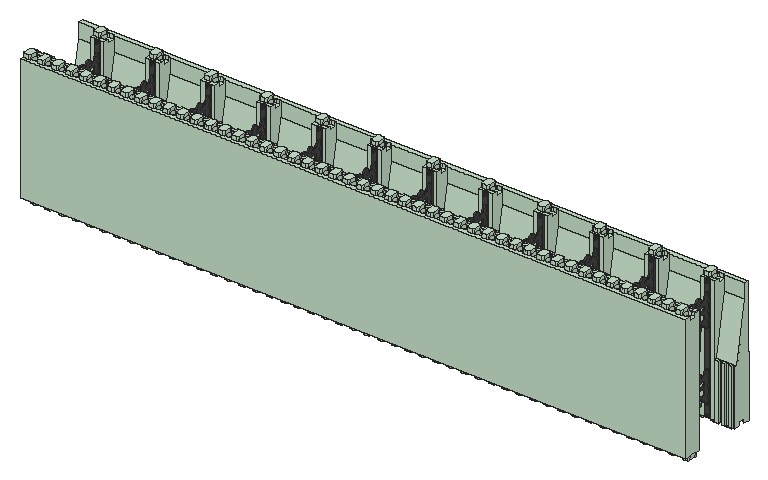
Revit family
Parameters (values of type "6-inch Taper Top Form Unit")
  URL = "www.nudura.com"
  Overall Form Thickness = 0' - 11 1/4"
  Model = "6-inch Taper Top Form Unit"
  Manufacturer = "NUDURA Corporation"
  Length = 8' - 0"
  Concrete Core Thickness = 0' - 6"
Reference planes (in)
  plane 1 "Center (Front/Back)": y = 0
  plane 2: z = 0
  plane 3 "Center (Left/Right)": x = 0
  plane 4: x = 96
  plane 5: y = 3
  plane 6: y = -3
  plane 7: y = 5.625
  plane 8: y = -5.625
  plane 9: z = 18
  plane 10: z = 18.5
  plane 11: z = -0.5
Forms (in)
  Extrusion 1, solid, material "EPs- NUDURA- Foam Panel"
    sketch origin (0, 0, 0) x (1, 0, 0) y (0, 1, 0)
      loop
        line (0.28117, -3.25) -> (0, -3.25) -> (0, -5.625) -> (96, -5.625) -> (96, -3.25) -> (95.71883, -3.25) -> (95.78117, -3) -> (95.21883, -3) -> (95.28117, -3.25) -> (94.71883, -3.25) -> (94.78117, -3) -> (94.21883, -3) -> (94.28117, -3.25) -> (93.71883, -3.25) -> (93.78117, -3) -> (93.21883, -3) -> (93.28117, -3.25) -> (90.71883, -3.25) -> (90.78117, -3) -> (90.21883, -3) -> (90.28117, -3.25) -> (89.71883, -3.25) -> (89.78117, -3) -> (89.21883, -3) -> (89.28117, -3.25) -> (88.71883, -3.25) -> (88.78117, -3) -> (88.21883, -3) -> (88.28117, -3.25) -> (87.71883, -3.25) -> (87.78117, -3) -> (87.21883, -3) -> (87.28117, -3.25) -> (86.71883, -3.25) -> (86.78117, -3) -> (86.21883, -3) -> (86.28117, -3.25) -> (85.71883, -3.25) -> (85.78117, -3) -> (85.21883, -3) -> (85.28117, -3.25) -> (82.71883, -3.25) -> (82.78117, -3) -> (82.21883, -3) -> (82.28117, -3.25) -> (81.71883, -3.25) -> (81.78117, -3) -> (81.21883, -3) -> (81.28117, -3.25) -> (80.71883, -3.25) -> (80.78117, -3) -> (80.21883, -3) -> (80.28117, -3.25) -> (79.71883, -3.25) -> (79.78117, -3) -> (79.21883, -3) -> (79.28117, -3.25) -> (78.71883, -3.25) -> (78.78117, -3) -> (78.21883, -3) -> (78.28117, -3.25) -> (77.71883, -3.25) -> (77.78117, -3) -> (77.21883, -3) -> (77.28117, -3.25) -> (74.71883, -3.25) -> (74.78117, -3) -> (74.21883, -3) -> (74.28117, -3.25) -> (73.71883, -3.25) -> (73.78117, -3) -> (73.21883, -3) -> (73.28117, -3.25) -> (72.71883, -3.25) -> (72.78117, -3) -> (72.21883, -3) -> (72.28117, -3.25) -> (71.71883, -3.25) -> (71.78117, -3) -> (71.21883, -3) -> (71.28117, -3.25) -> (70.71883, -3.25) -> (70.78117, -3) -> (70.21883, -3) -> (70.28117, -3.25) -> (69.71883, -3.25) -> (69.78117, -3) -> (69.21883, -3) -> (69.28117, -3.25) -> (66.71883, -3.25) -> (66.78117, -3) -> (66.21883, -3) -> (66.28117, -3.25) -> (65.71883, -3.25) -> (65.78117, -3) -> (65.21883, -3) -> (65.28117, -3.25) -> (64.71883, -3.25) -> (64.78117, -3) -> (64.21883, -3) -> (64.28117, -3.25) -> (63.71883, -3.25) -> (63.78117, -3) -> (63.21883, -3) -> (63.28117, -3.25) -> (62.71883, -3.25) -> (62.78117, -3) -> (62.21883, -3) -> (62.28117, -3.25) -> (61.71883, -3.25) -> (61.78117, -3) -> (61.21883, -3) -> (61.28117, -3.25) -> (58.71883, -3.25) -> (58.78117, -3) -> (58.21883, -3) -> (58.28117, -3.25) -> (57.71883, -3.25) -> (57.78117, -3) -> (57.21883, -3) -> (57.28117, -3.25) -> (56.71883, -3.25) -> (56.78117, -3) -> (56.21883, -3) -> (56.28117, -3.25) -> (55.71883, -3.25) -> (55.78117, -3) -> (55.21883, -3) -> (55.28117, -3.25) -> (54.71883, -3.25) -> (54.78117, -3) -> (54.21883, -3) -> (54.28117, -3.25) -> (53.71883, -3.25) -> (53.78117, -3) -> (53.21883, -3) -> (53.28117, -3.25) -> (50.71883, -3.25) -> (50.78117, -3) -> (50.21883, -3) -> (50.28117, -3.25) -> (49.71883, -3.25) -> (49.78117, -3) -> (49.21883, -3) -> (49.28117, -3.25) -> (48.71883, -3.25) -> (48.78117, -3) -> (48.21883, -3) -> (48.28117, -3.25) -> (47.71883, -3.25) -> (47.78117, -3) -> (47.21883, -3) -> (47.28117, -3.25) -> (46.71883, -3.25) -> (46.78117, -3) -> (46.21883, -3) -> (46.28117, -3.25) -> (45.71883, -3.25) -> (45.78117, -3) -> (45.21883, -3) -> (45.28117, -3.25) -> (42.71883, -3.25) -> (42.78117, -3) -> (42.21883, -3) -> (42.28117, -3.25) -> (41.71883, -3.25) -> (41.78117, -3) -> (41.21883, -3) -> (41.28117, -3.25) -> (40.71883, -3.25) -> (40.78117, -3) -> (40.21883, -3) -> (40.28117, -3.25) -> (39.71883, -3.25) -> (39.78117, -3) -> (39.21883, -3) -> (39.28117, -3.25) -> (38.71883, -3.25) -> (38.78117, -3) -> (38.21883, -3) -> (38.28117, -3.25) -> (37.71883, -3.25) -> (37.78117, -3) -> (37.21883, -3) -> (37.28117, -3.25) -> (34.71883, -3.25) -> (34.78117, -3) -> (34.21883, -3) -> (34.28117, -3.25) -> (33.71883, -3.25) -> (33.78117, -3) -> (33.21883, -3) -> (33.28117, -3.25) -> (32.71883, -3.25) -> (32.78117, -3) -> (32.21883, -3) -> (32.28117, -3.25) -> (31.71883, -3.25) -> (31.78117, -3) -> (31.21883, -3) -> (31.28117, -3.25) -> (30.71883, -3.25) -> (30.78117, -3) -> (30.21883, -3) -> (30.28117, -3.25) -> (29.71883, -3.25) -> (29.78117, -3) -> (29.21883, -3) -> (29.28117, -3.25) -> (26.71883, -3.25) -> (26.78117, -3) -> (26.21883, -3) -> (26.28117, -3.25) -> (25.71883, -3.25) -> (25.78117, -3) -> (25.21883, -3) -> (25.28117, -3.25) -> (24.71883, -3.25) -> (24.78117, -3) -> (24.21883, -3) -> (24.28117, -3.25) -> (23.71883, -3.25) -> (23.78117, -3) -> (23.21883, -3) -> (23.28117, -3.25) -> (22.71883, -3.25) -> (22.78117, -3) -> (22.21883, -3) -> (22.28117, -3.25) -> (21.71883, -3.25) -> (21.78117, -3) -> (21.21883, -3) -> (21.28117, -3.25) -> (18.71883, -3.25) -> (18.78117, -3) -> (18.21883, -3) -> (18.28117, -3.25) -> (17.71883, -3.25) -> (17.78117, -3) -> (17.21883, -3) -> (17.28117, -3.25) -> (16.71883, -3.25) -> (16.78117, -3) -> (16.21883, -3) -> (16.28117, -3.25) -> (15.71883, -3.25) -> (15.78117, -3) -> (15.21883, -3) -> (15.28117, -3.25) -> (14.71883, -3.25) -> (14.78117, -3) -> (14.21883, -3) -> (14.28117, -3.25) -> (13.71883, -3.25) -> (13.78117, -3) -> (13.21883, -3) -> (13.28117, -3.25) -> (10.71883, -3.25) -> (10.78117, -3) -> (10.21883, -3) -> (10.28117, -3.25) -> (9.71883, -3.25) -> (9.78117, -3) -> (9.21883, -3) -> (9.28117, -3.25) -> (8.71883, -3.25) -> (8.78117, -3) -> (8.21883, -3) -> (8.28117, -3.25) -> (7.71883, -3.25) -> (7.78117, -3) -> (7.21883, -3) -> (7.28117, -3.25) -> (6.71883, -3.25) -> (6.78117, -3) -> (6.21883, -3) -> (6.28117, -3.25) -> (5.71883, -3.25) -> (5.78117, -3) -> (5.21883, -3) -> (5.28117, -3.25) -> (2.71883, -3.25) -> (2.78117, -3) -> (2.21883, -3) -> (2.28117, -3.25) -> (1.71883, -3.25) -> (1.78117, -3) -> (1.21883, -3) -> (1.28117, -3.25) -> (0.71883, -3.25) -> (0.78117, -3) -> (0.21883, -3) -> (0.28117, -3.25)
    from 0 to 18
  Extrusion 2, void
    sketch origin (0, 0, 0) x (1, 0, 0) y (0, 1, 0)
      loop
        arc (1, -4.89808) -> (1.04785, -5.04517) -> (1.17308, -5.13595) r 0.25
        arc (1.17308, -5.13595) -> (1.5, -5.1875) -> (1.82692, -5.13595) r 1.0625
        arc (1.82692, -5.13595) -> (1.95215, -5.04517) -> (2, -4.89808) r 0.25
        line (2, -4.89808) -> (2, -3.97692)
        arc (2, -3.97692) -> (1.98276, -3.88568) -> (1.9334, -3.80702) r 0.25
        arc (1.9334, -3.80702) -> (1.92106, -3.78736) -> (1.91675, -3.76455) r 0.0625
        line (1.91675, -3.76455) -> (1.91675, -3.41845) -> (1.74592, -3.41845) -> (1.74592, -3.64005)
        arc (1.74592, -3.64005) -> (1.72385, -3.68771) -> (1.67323, -3.70172) r 0.0625
        arc (1.67323, -3.70172) -> (1.42092, -3.69045) -> (1.17308, -3.73905) r 1.0625
        arc (1.17308, -3.73905) -> (1.04785, -3.82983) -> (1, -3.97692) r 0.25
        line (1, -3.97692) -> (1, -4.89808)
    from 18 to 17.5
  Extrusion 3, void
    sketch origin (2, 0, 0) x (1, 0, 0) y (0, 1, 0)
      loop
        arc (1, -4.89808) -> (1.04785, -5.04517) -> (1.17308, -5.13595) r 0.25
        arc (1.17308, -5.13595) -> (1.5, -5.1875) -> (1.82692, -5.13595) r 1.0625
        arc (1.82692, -5.13595) -> (1.95215, -5.04517) -> (2, -4.89808) r 0.25
        line (2, -4.89808) -> (2, -3.97692)
        arc (2, -3.97692) -> (1.98276, -3.88568) -> (1.9334, -3.80702) r 0.25
        arc (1.9334, -3.80702) -> (1.92106, -3.78736) -> (1.91675, -3.76455) r 0.0625
        line (1.91675, -3.76455) -> (1.91675, -3.41845) -> (1.74592, -3.41845) -> (1.74592, -3.64005)
        arc (1.74592, -3.64005) -> (1.72385, -3.68771) -> (1.67323, -3.70172) r 0.0625
        arc (1.67323, -3.70172) -> (1.42092, -3.69045) -> (1.17308, -3.73905) r 1.0625
        arc (1.17308, -3.73905) -> (1.04785, -3.82983) -> (1, -3.97692) r 0.25
        line (1, -3.97692) -> (1, -4.89808)
    from 18 to 17.5
  Extrusion 4, void
    sketch origin (4, 0, 0) x (1, 0, 0) y (0, 1, 0)
      loop
        arc (1, -4.89808) -> (1.04785, -5.04517) -> (1.17308, -5.13595) r 0.25
        arc (1.17308, -5.13595) -> (1.5, -5.1875) -> (1.82692, -5.13595) r 1.0625
        arc (1.82692, -5.13595) -> (1.95215, -5.04517) -> (2, -4.89808) r 0.25
        line (2, -4.89808) -> (2, -3.97692)
        arc (2, -3.97692) -> (1.98276, -3.88568) -> (1.9334, -3.80702) r 0.25
        arc (1.9334, -3.80702) -> (1.92106, -3.78736) -> (1.91675, -3.76455) r 0.0625
        line (1.91675, -3.76455) -> (1.91675, -3.41845) -> (1.74592, -3.41845) -> (1.74592, -3.64005)
        arc (1.74592, -3.64005) -> (1.72385, -3.68771) -> (1.67323, -3.70172) r 0.0625
        arc (1.67323, -3.70172) -> (1.42092, -3.69045) -> (1.17308, -3.73905) r 1.0625
        arc (1.17308, -3.73905) -> (1.04785, -3.82983) -> (1, -3.97692) r 0.25
        line (1, -3.97692) -> (1, -4.89808)
    from 18 to 17.5
  Extrusion 5, void
    sketch origin (6, 0, 0) x (1, 0, 0) y (0, 1, 0)
      loop
        arc (1, -4.89808) -> (1.04785, -5.04517) -> (1.17308, -5.13595) r 0.25
        arc (1.17308, -5.13595) -> (1.5, -5.1875) -> (1.82692, -5.13595) r 1.0625
        arc (1.82692, -5.13595) -> (1.95215, -5.04517) -> (2, -4.89808) r 0.25
        line (2, -4.89808) -> (2, -3.97692)
        arc (2, -3.97692) -> (1.98276, -3.88568) -> (1.9334, -3.80702) r 0.25
        arc (1.9334, -3.80702) -> (1.92106, -3.78736) -> (1.91675, -3.76455) r 0.0625
        line (1.91675, -3.76455) -> (1.91675, -3.41845) -> (1.74592, -3.41845) -> (1.74592, -3.64005)
        arc (1.74592, -3.64005) -> (1.72385, -3.68771) -> (1.67323, -3.70172) r 0.0625
        arc (1.67323, -3.70172) -> (1.42092, -3.69045) -> (1.17308, -3.73905) r 1.0625
        arc (1.17308, -3.73905) -> (1.04785, -3.82983) -> (1, -3.97692) r 0.25
        line (1, -3.97692) -> (1, -4.89808)
    from 18 to 17.5
  Extrusion 6, void
    sketch origin (8, 0, 0) x (1, 0, 0) y (0, 1, 0)
      loop
        arc (1, -4.89808) -> (1.04785, -5.04517) -> (1.17308, -5.13595) r 0.25
        arc (1.17308, -5.13595) -> (1.5, -5.1875) -> (1.82692, -5.13595) r 1.0625
        arc (1.82692, -5.13595) -> (1.95215, -5.04517) -> (2, -4.89808) r 0.25
        line (2, -4.89808) -> (2, -3.97692)
        arc (2, -3.97692) -> (1.98276, -3.88568) -> (1.9334, -3.80702) r 0.25
        arc (1.9334, -3.80702) -> (1.92106, -3.78736) -> (1.91675, -3.76455) r 0.0625
        line (1.91675, -3.76455) -> (1.91675, -3.41845) -> (1.74592, -3.41845) -> (1.74592, -3.64005)
        arc (1.74592, -3.64005) -> (1.72385, -3.68771) -> (1.67323, -3.70172) r 0.0625
        arc (1.67323, -3.70172) -> (1.42092, -3.69045) -> (1.17308, -3.73905) r 1.0625
        arc (1.17308, -3.73905) -> (1.04785, -3.82983) -> (1, -3.97692) r 0.25
        line (1, -3.97692) -> (1, -4.89808)
    from 18 to 17.5
  Extrusion 7, void
    sketch origin (10, 0, 0) x (1, 0, 0) y (0, 1, 0)
      loop
        arc (1, -4.89808) -> (1.04785, -5.04517) -> (1.17308, -5.13595) r 0.25
        arc (1.17308, -5.13595) -> (1.5, -5.1875) -> (1.82692, -5.13595) r 1.0625
        arc (1.82692, -5.13595) -> (1.95215, -5.04517) -> (2, -4.89808) r 0.25
        line (2, -4.89808) -> (2, -3.97692)
        arc (2, -3.97692) -> (1.98276, -3.88568) -> (1.9334, -3.80702) r 0.25
        arc (1.9334, -3.80702) -> (1.92106, -3.78736) -> (1.91675, -3.76455) r 0.0625
        line (1.91675, -3.76455) -> (1.91675, -3.41845) -> (1.74592, -3.41845) -> (1.74592, -3.64005)
        arc (1.74592, -3.64005) -> (1.72385, -3.68771) -> (1.67323, -3.70172) r 0.0625
        arc (1.67323, -3.70172) -> (1.42092, -3.69045) -> (1.17308, -3.73905) r 1.0625
        arc (1.17308, -3.73905) -> (1.04785, -3.82983) -> (1, -3.97692) r 0.25
        line (1, -3.97692) -> (1, -4.89808)
    from 18 to 17.5
  Extrusion 8, void
    sketch origin (12, 0, 0) x (1, 0, 0) y (0, 1, 0)
      loop
        arc (1, -4.89808) -> (1.04785, -5.04517) -> (1.17308, -5.13595) r 0.25
        arc (1.17308, -5.13595) -> (1.5, -5.1875) -> (1.82692, -5.13595) r 1.0625
        arc (1.82692, -5.13595) -> (1.95215, -5.04517) -> (2, -4.89808) r 0.25
        line (2, -4.89808) -> (2, -3.97692)
        arc (2, -3.97692) -> (1.98276, -3.88568) -> (1.9334, -3.80702) r 0.25
        arc (1.9334, -3.80702) -> (1.92106, -3.78736) -> (1.91675, -3.76455) r 0.0625
        line (1.91675, -3.76455) -> (1.91675, -3.41845) -> (1.74592, -3.41845) -> (1.74592, -3.64005)
        arc (1.74592, -3.64005) -> (1.72385, -3.68771) -> (1.67323, -3.70172) r 0.0625
        arc (1.67323, -3.70172) -> (1.42092, -3.69045) -> (1.17308, -3.73905) r 1.0625
        arc (1.17308, -3.73905) -> (1.04785, -3.82983) -> (1, -3.97692) r 0.25
        line (1, -3.97692) -> (1, -4.89808)
    from 18 to 17.5
  Extrusion 9, void
    sketch origin (14, 0, 0) x (1, 0, 0) y (0, 1, 0)
      loop
        arc (1, -4.89808) -> (1.04785, -5.04517) -> (1.17308, -5.13595) r 0.25
        arc (1.17308, -5.13595) -> (1.5, -5.1875) -> (1.82692, -5.13595) r 1.0625
        arc (1.82692, -5.13595) -> (1.95215, -5.04517) -> (2, -4.89808) r 0.25
        line (2, -4.89808) -> (2, -3.97692)
        arc (2, -3.97692) -> (1.98276, -3.88568) -> (1.9334, -3.80702) r 0.25
        arc (1.9334, -3.80702) -> (1.92106, -3.78736) -> (1.91675, -3.76455) r 0.0625
        line (1.91675, -3.76455) -> (1.91675, -3.41845) -> (1.74592, -3.41845) -> (1.74592, -3.64005)
        arc (1.74592, -3.64005) -> (1.72385, -3.68771) -> (1.67323, -3.70172) r 0.0625
        arc (1.67323, -3.70172) -> (1.42092, -3.69045) -> (1.17308, -3.73905) r 1.0625
        arc (1.17308, -3.73905) -> (1.04785, -3.82983) -> (1, -3.97692) r 0.25
        line (1, -3.97692) -> (1, -4.89808)
    from 18 to 17.5
  Extrusion 10, void
    sketch origin (16, 0, 0) x (1, 0, 0) y (0, 1, 0)
      loop
        arc (1, -4.89808) -> (1.04785, -5.04517) -> (1.17308, -5.13595) r 0.25
        arc (1.17308, -5.13595) -> (1.5, -5.1875) -> (1.82692, -5.13595) r 1.0625
        arc (1.82692, -5.13595) -> (1.95215, -5.04517) -> (2, -4.89808) r 0.25
        line (2, -4.89808) -> (2, -3.97692)
        arc (2, -3.97692) -> (1.98276, -3.88568) -> (1.9334, -3.80702) r 0.25
        arc (1.9334, -3.80702) -> (1.92106, -3.78736) -> (1.91675, -3.76455) r 0.0625
        line (1.91675, -3.76455) -> (1.91675, -3.41845) -> (1.74592, -3.41845) -> (1.74592, -3.64005)
        arc (1.74592, -3.64005) -> (1.72385, -3.68771) -> (1.67323, -3.70172) r 0.0625
        arc (1.67323, -3.70172) -> (1.42092, -3.69045) -> (1.17308, -3.73905) r 1.0625
        arc (1.17308, -3.73905) -> (1.04785, -3.82983) -> (1, -3.97692) r 0.25
        line (1, -3.97692) -> (1, -4.89808)
    from 18 to 17.5
  Extrusion 11, void
    sketch origin (18, 0, 0) x (1, 0, 0) y (0, 1, 0)
      loop
        arc (1, -4.89808) -> (1.04785, -5.04517) -> (1.17308, -5.13595) r 0.25
        arc (1.17308, -5.13595) -> (1.5, -5.1875) -> (1.82692, -5.13595) r 1.0625
        arc (1.82692, -5.13595) -> (1.95215, -5.04517) -> (2, -4.89808) r 0.25
        line (2, -4.89808) -> (2, -3.97692)
        arc (2, -3.97692) -> (1.98276, -3.88568) -> (1.9334, -3.80702) r 0.25
        arc (1.9334, -3.80702) -> (1.92106, -3.78736) -> (1.91675, -3.76455) r 0.0625
        line (1.91675, -3.76455) -> (1.91675, -3.41845) -> (1.74592, -3.41845) -> (1.74592, -3.64005)
        arc (1.74592, -3.64005) -> (1.72385, -3.68771) -> (1.67323, -3.70172) r 0.0625
        arc (1.67323, -3.70172) -> (1.42092, -3.69045) -> (1.17308, -3.73905) r 1.0625
        arc (1.17308, -3.73905) -> (1.04785, -3.82983) -> (1, -3.97692) r 0.25
        line (1, -3.97692) -> (1, -4.89808)
    from 18 to 17.5
  Extrusion 12, void
    sketch origin (20, 0, 0) x (1, 0, 0) y (0, 1, 0)
      loop
        arc (1, -4.89808) -> (1.04785, -5.04517) -> (1.17308, -5.13595) r 0.25
        arc (1.17308, -5.13595) -> (1.5, -5.1875) -> (1.82692, -5.13595) r 1.0625
        arc (1.82692, -5.13595) -> (1.95215, -5.04517) -> (2, -4.89808) r 0.25
        line (2, -4.89808) -> (2, -3.97692)
        arc (2, -3.97692) -> (1.98276, -3.88568) -> (1.9334, -3.80702) r 0.25
        arc (1.9334, -3.80702) -> (1.92106, -3.78736) -> (1.91675, -3.76455) r 0.0625
        line (1.91675, -3.76455) -> (1.91675, -3.41845) -> (1.74592, -3.41845) -> (1.74592, -3.64005)
        arc (1.74592, -3.64005) -> (1.72385, -3.68771) -> (1.67323, -3.70172) r 0.0625
        arc (1.67323, -3.70172) -> (1.42092, -3.69045) -> (1.17308, -3.73905) r 1.0625
        arc (1.17308, -3.73905) -> (1.04785, -3.82983) -> (1, -3.97692) r 0.25
        line (1, -3.97692) -> (1, -4.89808)
    from 18 to 17.5
  Extrusion 13, void
    sketch origin (22, 0, 0) x (1, 0, 0) y (0, 1, 0)
      loop
        arc (1, -4.89808) -> (1.04785, -5.04517) -> (1.17308, -5.13595) r 0.25
        arc (1.17308, -5.13595) -> (1.5, -5.1875) -> (1.82692, -5.13595) r 1.0625
        arc (1.82692, -5.13595) -> (1.95215, -5.04517) -> (2, -4.89808) r 0.25
        line (2, -4.89808) -> (2, -3.97692)
        arc (2, -3.97692) -> (1.98276, -3.88568) -> (1.9334, -3.80702) r 0.25
        arc (1.9334, -3.80702) -> (1.92106, -3.78736) -> (1.91675, -3.76455) r 0.0625
        line (1.91675, -3.76455) -> (1.91675, -3.41845) -> (1.74592, -3.41845) -> (1.74592, -3.64005)
        arc (1.74592, -3.64005) -> (1.72385, -3.68771) -> (1.67323, -3.70172) r 0.0625
        arc (1.67323, -3.70172) -> (1.42092, -3.69045) -> (1.17308, -3.73905) r 1.0625
        arc (1.17308, -3.73905) -> (1.04785, -3.82983) -> (1, -3.97692) r 0.25
        line (1, -3.97692) -> (1, -4.89808)
    from 18 to 17.5
  Extrusion 14, void
    sketch origin (24, 0, 0) x (1, 0, 0) y (0, 1, 0)
      loop
        arc (1, -4.89808) -> (1.04785, -5.04517) -> (1.17308, -5.13595) r 0.25
        arc (1.17308, -5.13595) -> (1.5, -5.1875) -> (1.82692, -5.13595) r 1.0625
        arc (1.82692, -5.13595) -> (1.95215, -5.04517) -> (2, -4.89808) r 0.25
        line (2, -4.89808) -> (2, -3.97692)
        arc (2, -3.97692) -> (1.98276, -3.88568) -> (1.9334, -3.80702) r 0.25
        arc (1.9334, -3.80702) -> (1.92106, -3.78736) -> (1.91675, -3.76455) r 0.0625
        line (1.91675, -3.76455) -> (1.91675, -3.41845) -> (1.74592, -3.41845) -> (1.74592, -3.64005)
        arc (1.74592, -3.64005) -> (1.72385, -3.68771) -> (1.67323, -3.70172) r 0.0625
        arc (1.67323, -3.70172) -> (1.42092, -3.69045) -> (1.17308, -3.73905) r 1.0625
        arc (1.17308, -3.73905) -> (1.04785, -3.82983) -> (1, -3.97692) r 0.25
        line (1, -3.97692) -> (1, -4.89808)
    from 18 to 17.5
  Extrusion 15, void
    sketch origin (26, 0, 0) x (1, 0, 0) y (0, 1, 0)
      loop
        arc (1, -4.89808) -> (1.04785, -5.04517) -> (1.17308, -5.13595) r 0.25
        arc (1.17308, -5.13595) -> (1.5, -5.1875) -> (1.82692, -5.13595) r 1.0625
        arc (1.82692, -5.13595) -> (1.95215, -5.04517) -> (2, -4.89808) r 0.25
        line (2, -4.89808) -> (2, -3.97692)
        arc (2, -3.97692) -> (1.98276, -3.88568) -> (1.9334, -3.80702) r 0.25
        arc (1.9334, -3.80702) -> (1.92106, -3.78736) -> (1.91675, -3.76455) r 0.0625
        line (1.91675, -3.76455) -> (1.91675, -3.41845) -> (1.74592, -3.41845) -> (1.74592, -3.64005)
        arc (1.74592, -3.64005) -> (1.72385, -3.68771) -> (1.67323, -3.70172) r 0.0625
        arc (1.67323, -3.70172) -> (1.42092, -3.69045) -> (1.17308, -3.73905) r 1.0625
        arc (1.17308, -3.73905) -> (1.04785, -3.82983) -> (1, -3.97692) r 0.25
        line (1, -3.97692) -> (1, -4.89808)
    from 18 to 17.5
  Extrusion 16, void
    sketch origin (28, 0, 0) x (1, 0, 0) y (0, 1, 0)
      loop
        arc (1, -4.89808) -> (1.04785, -5.04517) -> (1.17308, -5.13595) r 0.25
        arc (1.17308, -5.13595) -> (1.5, -5.1875) -> (1.82692, -5.13595) r 1.0625
        arc (1.82692, -5.13595) -> (1.95215, -5.04517) -> (2, -4.89808) r 0.25
        line (2, -4.89808) -> (2, -3.97692)
        arc (2, -3.97692) -> (1.98276, -3.88568) -> (1.9334, -3.80702) r 0.25
        arc (1.9334, -3.80702) -> (1.92106, -3.78736) -> (1.91675, -3.76455) r 0.0625
        line (1.91675, -3.76455) -> (1.91675, -3.41845) -> (1.74592, -3.41845) -> (1.74592, -3.64005)
        arc (1.74592, -3.64005) -> (1.72385, -3.68771) -> (1.67323, -3.70172) r 0.0625
        arc (1.67323, -3.70172) -> (1.42092, -3.69045) -> (1.17308, -3.73905) r 1.0625
        arc (1.17308, -3.73905) -> (1.04785, -3.82983) -> (1, -3.97692) r 0.25
        line (1, -3.97692) -> (1, -4.89808)
    from 18 to 17.5
  Extrusion 17, void
    sketch origin (30, 0, 0) x (1, 0, 0) y (0, 1, 0)
      loop
        arc (1, -4.89808) -> (1.04785, -5.04517) -> (1.17308, -5.13595) r 0.25
        arc (1.17308, -5.13595) -> (1.5, -5.1875) -> (1.82692, -5.13595) r 1.0625
        arc (1.82692, -5.13595) -> (1.95215, -5.04517) -> (2, -4.89808) r 0.25
        line (2, -4.89808) -> (2, -3.97692)
        arc (2, -3.97692) -> (1.98276, -3.88568) -> (1.9334, -3.80702) r 0.25
        arc (1.9334, -3.80702) -> (1.92106, -3.78736) -> (1.91675, -3.76455) r 0.0625
        line (1.91675, -3.76455) -> (1.91675, -3.41845) -> (1.74592, -3.41845) -> (1.74592, -3.64005)
        arc (1.74592, -3.64005) -> (1.72385, -3.68771) -> (1.67323, -3.70172) r 0.0625
        arc (1.67323, -3.70172) -> (1.42092, -3.69045) -> (1.17308, -3.73905) r 1.0625
        arc (1.17308, -3.73905) -> (1.04785, -3.82983) -> (1, -3.97692) r 0.25
        line (1, -3.97692) -> (1, -4.89808)
    from 18 to 17.5
  Extrusion 18, void
    sketch origin (32, 0, 0) x (1, 0, 0) y (0, 1, 0)
      loop
        arc (1, -4.89808) -> (1.04785, -5.04517) -> (1.17308, -5.13595) r 0.25
        arc (1.17308, -5.13595) -> (1.5, -5.1875) -> (1.82692, -5.13595) r 1.0625
        arc (1.82692, -5.13595) -> (1.95215, -5.04517) -> (2, -4.89808) r 0.25
        line (2, -4.89808) -> (2, -3.97692)
        arc (2, -3.97692) -> (1.98276, -3.88568) -> (1.9334, -3.80702) r 0.25
        arc (1.9334, -3.80702) -> (1.92106, -3.78736) -> (1.91675, -3.76455) r 0.0625
        line (1.91675, -3.76455) -> (1.91675, -3.41845) -> (1.74592, -3.41845) -> (1.74592, -3.64005)
        arc (1.74592, -3.64005) -> (1.72385, -3.68771) -> (1.67323, -3.70172) r 0.0625
        arc (1.67323, -3.70172) -> (1.42092, -3.69045) -> (1.17308, -3.73905) r 1.0625
        arc (1.17308, -3.73905) -> (1.04785, -3.82983) -> (1, -3.97692) r 0.25
        line (1, -3.97692) -> (1, -4.89808)
    from 18 to 17.5
  Extrusion 19, void
    sketch origin (34, 0, 0) x (1, 0, 0) y (0, 1, 0)
      loop
        arc (1, -4.89808) -> (1.04785, -5.04517) -> (1.17308, -5.13595) r 0.25
        arc (1.17308, -5.13595) -> (1.5, -5.1875) -> (1.82692, -5.13595) r 1.0625
        arc (1.82692, -5.13595) -> (1.95215, -5.04517) -> (2, -4.89808) r 0.25
        line (2, -4.89808) -> (2, -3.97692)
        arc (2, -3.97692) -> (1.98276, -3.88568) -> (1.9334, -3.80702) r 0.25
        arc (1.9334, -3.80702) -> (1.92106, -3.78736) -> (1.91675, -3.76455) r 0.0625
        line (1.91675, -3.76455) -> (1.91675, -3.41845) -> (1.74592, -3.41845) -> (1.74592, -3.64005)
        arc (1.74592, -3.64005) -> (1.72385, -3.68771) -> (1.67323, -3.70172) r 0.0625
        arc (1.67323, -3.70172) -> (1.42092, -3.69045) -> (1.17308, -3.73905) r 1.0625
        arc (1.17308, -3.73905) -> (1.04785, -3.82983) -> (1, -3.97692) r 0.25
        line (1, -3.97692) -> (1, -4.89808)
    from 18 to 17.5
  Extrusion 20, void
    sketch origin (36, 0, 0) x (1, 0, 0) y (0, 1, 0)
      loop
        arc (1, -4.89808) -> (1.04785, -5.04517) -> (1.17308, -5.13595) r 0.25
        arc (1.17308, -5.13595) -> (1.5, -5.1875) -> (1.82692, -5.13595) r 1.0625
        arc (1.82692, -5.13595) -> (1.95215, -5.04517) -> (2, -4.89808) r 0.25
        line (2, -4.89808) -> (2, -3.97692)
        arc (2, -3.97692) -> (1.98276, -3.88568) -> (1.9334, -3.80702) r 0.25
        arc (1.9334, -3.80702) -> (1.92106, -3.78736) -> (1.91675, -3.76455) r 0.0625
        line (1.91675, -3.76455) -> (1.91675, -3.41845) -> (1.74592, -3.41845) -> (1.74592, -3.64005)
        arc (1.74592, -3.64005) -> (1.72385, -3.68771) -> (1.67323, -3.70172) r 0.0625
        arc (1.67323, -3.70172) -> (1.42092, -3.69045) -> (1.17308, -3.73905) r 1.0625
        arc (1.17308, -3.73905) -> (1.04785, -3.82983) -> (1, -3.97692) r 0.25
        line (1, -3.97692) -> (1, -4.89808)
    from 18 to 17.5
  Extrusion 21, void
    sketch origin (38, 0, 0) x (1, 0, 0) y (0, 1, 0)
      loop
        arc (1, -4.89808) -> (1.04785, -5.04517) -> (1.17308, -5.13595) r 0.25
        arc (1.17308, -5.13595) -> (1.5, -5.1875) -> (1.82692, -5.13595) r 1.0625
        arc (1.82692, -5.13595) -> (1.95215, -5.04517) -> (2, -4.89808) r 0.25
        line (2, -4.89808) -> (2, -3.97692)
        arc (2, -3.97692) -> (1.98276, -3.88568) -> (1.9334, -3.80702) r 0.25
        arc (1.9334, -3.80702) -> (1.92106, -3.78736) -> (1.91675, -3.76455) r 0.0625
        line (1.91675, -3.76455) -> (1.91675, -3.41845) -> (1.74592, -3.41845) -> (1.74592, -3.64005)
        arc (1.74592, -3.64005) -> (1.72385, -3.68771) -> (1.67323, -3.70172) r 0.0625
        arc (1.67323, -3.70172) -> (1.42092, -3.69045) -> (1.17308, -3.73905) r 1.0625
        arc (1.17308, -3.73905) -> (1.04785, -3.82983) -> (1, -3.97692) r 0.25
        line (1, -3.97692) -> (1, -4.89808)
    from 18 to 17.5
  Extrusion 22, void
    sketch origin (40, 0, 0) x (1, 0, 0) y (0, 1, 0)
      loop
        arc (1, -4.89808) -> (1.04785, -5.04517) -> (1.17308, -5.13595) r 0.25
        arc (1.17308, -5.13595) -> (1.5, -5.1875) -> (1.82692, -5.13595) r 1.0625
        arc (1.82692, -5.13595) -> (1.95215, -5.04517) -> (2, -4.89808) r 0.25
        line (2, -4.89808) -> (2, -3.97692)
        arc (2, -3.97692) -> (1.98276, -3.88568) -> (1.9334, -3.80702) r 0.25
        arc (1.9334, -3.80702) -> (1.92106, -3.78736) -> (1.91675, -3.76455) r 0.0625
        line (1.91675, -3.76455) -> (1.91675, -3.41845) -> (1.74592, -3.41845) -> (1.74592, -3.64005)
        arc (1.74592, -3.64005) -> (1.72385, -3.68771) -> (1.67323, -3.70172) r 0.0625
        arc (1.67323, -3.70172) -> (1.42092, -3.69045) -> (1.17308, -3.73905) r 1.0625
        arc (1.17308, -3.73905) -> (1.04785, -3.82983) -> (1, -3.97692) r 0.25
        line (1, -3.97692) -> (1, -4.89808)
    from 18 to 17.5
  Extrusion 23, void
    sketch origin (42, 0, 0) x (1, 0, 0) y (0, 1, 0)
      loop
        arc (1, -4.89808) -> (1.04785, -5.04517) -> (1.17308, -5.13595) r 0.25
        arc (1.17308, -5.13595) -> (1.5, -5.1875) -> (1.82692, -5.13595) r 1.0625
        arc (1.82692, -5.13595) -> (1.95215, -5.04517) -> (2, -4.89808) r 0.25
        line (2, -4.89808) -> (2, -3.97692)
        arc (2, -3.97692) -> (1.98276, -3.88568) -> (1.9334, -3.80702) r 0.25
        arc (1.9334, -3.80702) -> (1.92106, -3.78736) -> (1.91675, -3.76455) r 0.0625
        line (1.91675, -3.76455) -> (1.91675, -3.41845) -> (1.74592, -3.41845) -> (1.74592, -3.64005)
        arc (1.74592, -3.64005) -> (1.72385, -3.68771) -> (1.67323, -3.70172) r 0.0625
        arc (1.67323, -3.70172) -> (1.42092, -3.69045) -> (1.17308, -3.73905) r 1.0625
        arc (1.17308, -3.73905) -> (1.04785, -3.82983) -> (1, -3.97692) r 0.25
        line (1, -3.97692) -> (1, -4.89808)
    from 18 to 17.5
  Extrusion 24, void
    sketch origin (44, 0, 0) x (1, 0, 0) y (0, 1, 0)
      loop
        arc (1, -4.89808) -> (1.04785, -5.04517) -> (1.17308, -5.13595) r 0.25
        arc (1.17308, -5.13595) -> (1.5, -5.1875) -> (1.82692, -5.13595) r 1.0625
        arc (1.82692, -5.13595) -> (1.95215, -5.04517) -> (2, -4.89808) r 0.25
        line (2, -4.89808) -> (2, -3.97692)
        arc (2, -3.97692) -> (1.98276, -3.88568) -> (1.9334, -3.80702) r 0.25
        arc (1.9334, -3.80702) -> (1.92106, -3.78736) -> (1.91675, -3.76455) r 0.0625
        line (1.91675, -3.76455) -> (1.91675, -3.41845) -> (1.74592, -3.41845) -> (1.74592, -3.64005)
        arc (1.74592, -3.64005) -> (1.72385, -3.68771) -> (1.67323, -3.70172) r 0.0625
        arc (1.67323, -3.70172) -> (1.42092, -3.69045) -> (1.17308, -3.73905) r 1.0625
        arc (1.17308, -3.73905) -> (1.04785, -3.82983) -> (1, -3.97692) r 0.25
        line (1, -3.97692) -> (1, -4.89808)
    from 18 to 17.5
  Extrusion 25, void
    sketch origin (46, 0, 0) x (1, 0, 0) y (0, 1, 0)
      loop
        arc (1, -4.89808) -> (1.04785, -5.04517) -> (1.17308, -5.13595) r 0.25
        arc (1.17308, -5.13595) -> (1.5, -5.1875) -> (1.82692, -5.13595) r 1.0625
        arc (1.82692, -5.13595) -> (1.95215, -5.04517) -> (2, -4.89808) r 0.25
        line (2, -4.89808) -> (2, -3.97692)
        arc (2, -3.97692) -> (1.98276, -3.88568) -> (1.9334, -3.80702) r 0.25
        arc (1.9334, -3.80702) -> (1.92106, -3.78736) -> (1.91675, -3.76455) r 0.0625
        line (1.91675, -3.76455) -> (1.91675, -3.41845) -> (1.74592, -3.41845) -> (1.74592, -3.64005)
        arc (1.74592, -3.64005) -> (1.72385, -3.68771) -> (1.67323, -3.70172) r 0.0625
        arc (1.67323, -3.70172) -> (1.42092, -3.69045) -> (1.17308, -3.73905) r 1.0625
        arc (1.17308, -3.73905) -> (1.04785, -3.82983) -> (1, -3.97692) r 0.25
        line (1, -3.97692) -> (1, -4.89808)
    from 18 to 17.5
  Extrusion 26, void
    sketch origin (48, 0, 0) x (1, 0, 0) y (0, 1, 0)
      loop
        arc (1, -4.89808) -> (1.04785, -5.04517) -> (1.17308, -5.13595) r 0.25
        arc (1.17308, -5.13595) -> (1.5, -5.1875) -> (1.82692, -5.13595) r 1.0625
        arc (1.82692, -5.13595) -> (1.95215, -5.04517) -> (2, -4.89808) r 0.25
        line (2, -4.89808) -> (2, -3.97692)
        arc (2, -3.97692) -> (1.98276, -3.88568) -> (1.9334, -3.80702) r 0.25
        arc (1.9334, -3.80702) -> (1.92106, -3.78736) -> (1.91675, -3.76455) r 0.0625
        line (1.91675, -3.76455) -> (1.91675, -3.41845) -> (1.74592, -3.41845) -> (1.74592, -3.64005)
        arc (1.74592, -3.64005) -> (1.72385, -3.68771) -> (1.67323, -3.70172) r 0.0625
        arc (1.67323, -3.70172) -> (1.42092, -3.69045) -> (1.17308, -3.73905) r 1.0625
        arc (1.17308, -3.73905) -> (1.04785, -3.82983) -> (1, -3.97692) r 0.25
        line (1, -3.97692) -> (1, -4.89808)
    from 18 to 17.5
  Extrusion 27, void
    sketch origin (50, 0, 0) x (1, 0, 0) y (0, 1, 0)
      loop
        arc (1, -4.89808) -> (1.04785, -5.04517) -> (1.17308, -5.13595) r 0.25
        arc (1.17308, -5.13595) -> (1.5, -5.1875) -> (1.82692, -5.13595) r 1.0625
        arc (1.82692, -5.13595) -> (1.95215, -5.04517) -> (2, -4.89808) r 0.25
        line (2, -4.89808) -> (2, -3.97692)
        arc (2, -3.97692) -> (1.98276, -3.88568) -> (1.9334, -3.80702) r 0.25
        arc (1.9334, -3.80702) -> (1.92106, -3.78736) -> (1.91675, -3.76455) r 0.0625
        line (1.91675, -3.76455) -> (1.91675, -3.41845) -> (1.74592, -3.41845) -> (1.74592, -3.64005)
        arc (1.74592, -3.64005) -> (1.72385, -3.68771) -> (1.67323, -3.70172) r 0.0625
        arc (1.67323, -3.70172) -> (1.42092, -3.69045) -> (1.17308, -3.73905) r 1.0625
        arc (1.17308, -3.73905) -> (1.04785, -3.82983) -> (1, -3.97692) r 0.25
        line (1, -3.97692) -> (1, -4.89808)
    from 18 to 17.5
  Extrusion 28, void
    sketch origin (52, 0, 0) x (1, 0, 0) y (0, 1, 0)
      loop
        arc (1, -4.89808) -> (1.04785, -5.04517) -> (1.17308, -5.13595) r 0.25
        arc (1.17308, -5.13595) -> (1.5, -5.1875) -> (1.82692, -5.13595) r 1.0625
        arc (1.82692, -5.13595) -> (1.95215, -5.04517) -> (2, -4.89808) r 0.25
        line (2, -4.89808) -> (2, -3.97692)
        arc (2, -3.97692) -> (1.98276, -3.88568) -> (1.9334, -3.80702) r 0.25
        arc (1.9334, -3.80702) -> (1.92106, -3.78736) -> (1.91675, -3.76455) r 0.0625
        line (1.91675, -3.76455) -> (1.91675, -3.41845) -> (1.74592, -3.41845) -> (1.74592, -3.64005)
        arc (1.74592, -3.64005) -> (1.72385, -3.68771) -> (1.67323, -3.70172) r 0.0625
        arc (1.67323, -3.70172) -> (1.42092, -3.69045) -> (1.17308, -3.73905) r 1.0625
        arc (1.17308, -3.73905) -> (1.04785, -3.82983) -> (1, -3.97692) r 0.25
        line (1, -3.97692) -> (1, -4.89808)
    from 18 to 17.5
  Extrusion 29, void
    sketch origin (54, 0, 0) x (1, 0, 0) y (0, 1, 0)
      loop
        arc (1, -4.89808) -> (1.04785, -5.04517) -> (1.17308, -5.13595) r 0.25
        arc (1.17308, -5.13595) -> (1.5, -5.1875) -> (1.82692, -5.13595) r 1.0625
        arc (1.82692, -5.13595) -> (1.95215, -5.04517) -> (2, -4.89808) r 0.25
        line (2, -4.89808) -> (2, -3.97692)
        arc (2, -3.97692) -> (1.98276, -3.88568) -> (1.9334, -3.80702) r 0.25
        arc (1.9334, -3.80702) -> (1.92106, -3.78736) -> (1.91675, -3.76455) r 0.0625
        line (1.91675, -3.76455) -> (1.91675, -3.41845) -> (1.74592, -3.41845) -> (1.74592, -3.64005)
        arc (1.74592, -3.64005) -> (1.72385, -3.68771) -> (1.67323, -3.70172) r 0.0625
        arc (1.67323, -3.70172) -> (1.42092, -3.69045) -> (1.17308, -3.73905) r 1.0625
        arc (1.17308, -3.73905) -> (1.04785, -3.82983) -> (1, -3.97692) r 0.25
        line (1, -3.97692) -> (1, -4.89808)
    from 18 to 17.5
  Extrusion 30, void
    sketch origin (56, 0, 0) x (1, 0, 0) y (0, 1, 0)
      loop
        arc (1, -4.89808) -> (1.04785, -5.04517) -> (1.17308, -5.13595) r 0.25
        arc (1.17308, -5.13595) -> (1.5, -5.1875) -> (1.82692, -5.13595) r 1.0625
        arc (1.82692, -5.13595) -> (1.95215, -5.04517) -> (2, -4.89808) r 0.25
        line (2, -4.89808) -> (2, -3.97692)
        arc (2, -3.97692) -> (1.98276, -3.88568) -> (1.9334, -3.80702) r 0.25
        arc (1.9334, -3.80702) -> (1.92106, -3.78736) -> (1.91675, -3.76455) r 0.0625
        line (1.91675, -3.76455) -> (1.91675, -3.41845) -> (1.74592, -3.41845) -> (1.74592, -3.64005)
        arc (1.74592, -3.64005) -> (1.72385, -3.68771) -> (1.67323, -3.70172) r 0.0625
        arc (1.67323, -3.70172) -> (1.42092, -3.69045) -> (1.17308, -3.73905) r 1.0625
        arc (1.17308, -3.73905) -> (1.04785, -3.82983) -> (1, -3.97692) r 0.25
        line (1, -3.97692) -> (1, -4.89808)
    from 18 to 17.5
  Extrusion 31, void
    sketch origin (58, 0, 0) x (1, 0, 0) y (0, 1, 0)
      loop
        arc (1, -4.89808) -> (1.04785, -5.04517) -> (1.17308, -5.13595) r 0.25
        arc (1.17308, -5.13595) -> (1.5, -5.1875) -> (1.82692, -5.13595) r 1.0625
        arc (1.82692, -5.13595) -> (1.95215, -5.04517) -> (2, -4.89808) r 0.25
        line (2, -4.89808) -> (2, -3.97692)
        arc (2, -3.97692) -> (1.98276, -3.88568) -> (1.9334, -3.80702) r 0.25
        arc (1.9334, -3.80702) -> (1.92106, -3.78736) -> (1.91675, -3.76455) r 0.0625
        line (1.91675, -3.76455) -> (1.91675, -3.41845) -> (1.74592, -3.41845) -> (1.74592, -3.64005)
        arc (1.74592, -3.64005) -> (1.72385, -3.68771) -> (1.67323, -3.70172) r 0.0625
        arc (1.67323, -3.70172) -> (1.42092, -3.69045) -> (1.17308, -3.73905) r 1.0625
        arc (1.17308, -3.73905) -> (1.04785, -3.82983) -> (1, -3.97692) r 0.25
        line (1, -3.97692) -> (1, -4.89808)
    from 18 to 17.5
  Extrusion 32, void
    sketch origin (60, 0, 0) x (1, 0, 0) y (0, 1, 0)
      loop
        arc (1, -4.89808) -> (1.04785, -5.04517) -> (1.17308, -5.13595) r 0.25
        arc (1.17308, -5.13595) -> (1.5, -5.1875) -> (1.82692, -5.13595) r 1.0625
        arc (1.82692, -5.13595) -> (1.95215, -5.04517) -> (2, -4.89808) r 0.25
        line (2, -4.89808) -> (2, -3.97692)
        arc (2, -3.97692) -> (1.98276, -3.88568) -> (1.9334, -3.80702) r 0.25
        arc (1.9334, -3.80702) -> (1.92106, -3.78736) -> (1.91675, -3.76455) r 0.0625
        line (1.91675, -3.76455) -> (1.91675, -3.41845) -> (1.74592, -3.41845) -> (1.74592, -3.64005)
        arc (1.74592, -3.64005) -> (1.72385, -3.68771) -> (1.67323, -3.70172) r 0.0625
        arc (1.67323, -3.70172) -> (1.42092, -3.69045) -> (1.17308, -3.73905) r 1.0625
        arc (1.17308, -3.73905) -> (1.04785, -3.82983) -> (1, -3.97692) r 0.25
        line (1, -3.97692) -> (1, -4.89808)
    from 18 to 17.5
  Extrusion 33, void
    sketch origin (62, 0, 0) x (1, 0, 0) y (0, 1, 0)
      loop
        arc (1, -4.89808) -> (1.04785, -5.04517) -> (1.17308, -5.13595) r 0.25
        arc (1.17308, -5.13595) -> (1.5, -5.1875) -> (1.82692, -5.13595) r 1.0625
        arc (1.82692, -5.13595) -> (1.95215, -5.04517) -> (2, -4.89808) r 0.25
        line (2, -4.89808) -> (2, -3.97692)
        arc (2, -3.97692) -> (1.98276, -3.88568) -> (1.9334, -3.80702) r 0.25
        arc (1.9334, -3.80702) -> (1.92106, -3.78736) -> (1.91675, -3.76455) r 0.0625
        line (1.91675, -3.76455) -> (1.91675, -3.41845) -> (1.74592, -3.41845) -> (1.74592, -3.64005)
        arc (1.74592, -3.64005) -> (1.72385, -3.68771) -> (1.67323, -3.70172) r 0.0625
        arc (1.67323, -3.70172) -> (1.42092, -3.69045) -> (1.17308, -3.73905) r 1.0625
        arc (1.17308, -3.73905) -> (1.04785, -3.82983) -> (1, -3.97692) r 0.25
        line (1, -3.97692) -> (1, -4.89808)
    from 18 to 17.5
  Extrusion 34, void
    sketch origin (64, 0, 0) x (1, 0, 0) y (0, 1, 0)
      loop
        arc (1, -4.89808) -> (1.04785, -5.04517) -> (1.17308, -5.13595) r 0.25
        arc (1.17308, -5.13595) -> (1.5, -5.1875) -> (1.82692, -5.13595) r 1.0625
        arc (1.82692, -5.13595) -> (1.95215, -5.04517) -> (2, -4.89808) r 0.25
        line (2, -4.89808) -> (2, -3.97692)
        arc (2, -3.97692) -> (1.98276, -3.88568) -> (1.9334, -3.80702) r 0.25
        arc (1.9334, -3.80702) -> (1.92106, -3.78736) -> (1.91675, -3.76455) r 0.0625
        line (1.91675, -3.76455) -> (1.91675, -3.41845) -> (1.74592, -3.41845) -> (1.74592, -3.64005)
        arc (1.74592, -3.64005) -> (1.72385, -3.68771) -> (1.67323, -3.70172) r 0.0625
        arc (1.67323, -3.70172) -> (1.42092, -3.69045) -> (1.17308, -3.73905) r 1.0625
        arc (1.17308, -3.73905) -> (1.04785, -3.82983) -> (1, -3.97692) r 0.25
        line (1, -3.97692) -> (1, -4.89808)
    from 18 to 17.5
  Extrusion 35, void
    sketch origin (66, 0, 0) x (1, 0, 0) y (0, 1, 0)
      loop
        arc (1, -4.89808) -> (1.04785, -5.04517) -> (1.17308, -5.13595) r 0.25
        arc (1.17308, -5.13595) -> (1.5, -5.1875) -> (1.82692, -5.13595) r 1.0625
        arc (1.82692, -5.13595) -> (1.95215, -5.04517) -> (2, -4.89808) r 0.25
        line (2, -4.89808) -> (2, -3.97692)
        arc (2, -3.97692) -> (1.98276, -3.88568) -> (1.9334, -3.80702) r 0.25
        arc (1.9334, -3.80702) -> (1.92106, -3.78736) -> (1.91675, -3.76455) r 0.0625
        line (1.91675, -3.76455) -> (1.91675, -3.41845) -> (1.74592, -3.41845) -> (1.74592, -3.64005)
        arc (1.74592, -3.64005) -> (1.72385, -3.68771) -> (1.67323, -3.70172) r 0.0625
        arc (1.67323, -3.70172) -> (1.42092, -3.69045) -> (1.17308, -3.73905) r 1.0625
        arc (1.17308, -3.73905) -> (1.04785, -3.82983) -> (1, -3.97692) r 0.25
        line (1, -3.97692) -> (1, -4.89808)
    from 18 to 17.5
  Extrusion 36, void
    sketch origin (68, 0, 0) x (1, 0, 0) y (0, 1, 0)
      loop
        arc (1, -4.89808) -> (1.04785, -5.04517) -> (1.17308, -5.13595) r 0.25
        arc (1.17308, -5.13595) -> (1.5, -5.1875) -> (1.82692, -5.13595) r 1.0625
        arc (1.82692, -5.13595) -> (1.95215, -5.04517) -> (2, -4.89808) r 0.25
        line (2, -4.89808) -> (2, -3.97692)
        arc (2, -3.97692) -> (1.98276, -3.88568) -> (1.9334, -3.80702) r 0.25
        arc (1.9334, -3.80702) -> (1.92106, -3.78736) -> (1.91675, -3.76455) r 0.0625
        line (1.91675, -3.76455) -> (1.91675, -3.41845) -> (1.74592, -3.41845) -> (1.74592, -3.64005)
        arc (1.74592, -3.64005) -> (1.72385, -3.68771) -> (1.67323, -3.70172) r 0.0625
        arc (1.67323, -3.70172) -> (1.42092, -3.69045) -> (1.17308, -3.73905) r 1.0625
        arc (1.17308, -3.73905) -> (1.04785, -3.82983) -> (1, -3.97692) r 0.25
        line (1, -3.97692) -> (1, -4.89808)
    from 18 to 17.5
  Extrusion 37, void
    sketch origin (70, 0, 0) x (1, 0, 0) y (0, 1, 0)
      loop
        arc (1, -4.89808) -> (1.04785, -5.04517) -> (1.17308, -5.13595) r 0.25
        arc (1.17308, -5.13595) -> (1.5, -5.1875) -> (1.82692, -5.13595) r 1.0625
        arc (1.82692, -5.13595) -> (1.95215, -5.04517) -> (2, -4.89808) r 0.25
        line (2, -4.89808) -> (2, -3.97692)
        arc (2, -3.97692) -> (1.98276, -3.88568) -> (1.9334, -3.80702) r 0.25
        arc (1.9334, -3.80702) -> (1.92106, -3.78736) -> (1.91675, -3.76455) r 0.0625
        line (1.91675, -3.76455) -> (1.91675, -3.41845) -> (1.74592, -3.41845) -> (1.74592, -3.64005)
        arc (1.74592, -3.64005) -> (1.72385, -3.68771) -> (1.67323, -3.70172) r 0.0625
        arc (1.67323, -3.70172) -> (1.42092, -3.69045) -> (1.17308, -3.73905) r 1.0625
        arc (1.17308, -3.73905) -> (1.04785, -3.82983) -> (1, -3.97692) r 0.25
        line (1, -3.97692) -> (1, -4.89808)
    from 18 to 17.5
  Extrusion 38, void
    sketch origin (72, 0, 0) x (1, 0, 0) y (0, 1, 0)
      loop
        arc (1, -4.89808) -> (1.04785, -5.04517) -> (1.17308, -5.13595) r 0.25
        arc (1.17308, -5.13595) -> (1.5, -5.1875) -> (1.82692, -5.13595) r 1.0625
        arc (1.82692, -5.13595) -> (1.95215, -5.04517) -> (2, -4.89808) r 0.25
        line (2, -4.89808) -> (2, -3.97692)
        arc (2, -3.97692) -> (1.98276, -3.88568) -> (1.9334, -3.80702) r 0.25
        arc (1.9334, -3.80702) -> (1.92106, -3.78736) -> (1.91675, -3.76455) r 0.0625
        line (1.91675, -3.76455) -> (1.91675, -3.41845) -> (1.74592, -3.41845) -> (1.74592, -3.64005)
        arc (1.74592, -3.64005) -> (1.72385, -3.68771) -> (1.67323, -3.70172) r 0.0625
        arc (1.67323, -3.70172) -> (1.42092, -3.69045) -> (1.17308, -3.73905) r 1.0625
        arc (1.17308, -3.73905) -> (1.04785, -3.82983) -> (1, -3.97692) r 0.25
        line (1, -3.97692) -> (1, -4.89808)
    from 18 to 17.5
  Extrusion 39, void
    sketch origin (74, 0, 0) x (1, 0, 0) y (0, 1, 0)
      loop
        arc (1, -4.89808) -> (1.04785, -5.04517) -> (1.17308, -5.13595) r 0.25
        arc (1.17308, -5.13595) -> (1.5, -5.1875) -> (1.82692, -5.13595) r 1.0625
        arc (1.82692, -5.13595) -> (1.95215, -5.04517) -> (2, -4.89808) r 0.25
        line (2, -4.89808) -> (2, -3.97692)
        arc (2, -3.97692) -> (1.98276, -3.88568) -> (1.9334, -3.80702) r 0.25
        arc (1.9334, -3.80702) -> (1.92106, -3.78736) -> (1.91675, -3.76455) r 0.0625
        line (1.91675, -3.76455) -> (1.91675, -3.41845) -> (1.74592, -3.41845) -> (1.74592, -3.64005)
        arc (1.74592, -3.64005) -> (1.72385, -3.68771) -> (1.67323, -3.70172) r 0.0625
        arc (1.67323, -3.70172) -> (1.42092, -3.69045) -> (1.17308, -3.73905) r 1.0625
        arc (1.17308, -3.73905) -> (1.04785, -3.82983) -> (1, -3.97692) r 0.25
        line (1, -3.97692) -> (1, -4.89808)
    from 18 to 17.5
  Extrusion 40, void
    sketch origin (76, 0, 0) x (1, 0, 0) y (0, 1, 0)
      loop
        arc (1, -4.89808) -> (1.04785, -5.04517) -> (1.17308, -5.13595) r 0.25
        arc (1.17308, -5.13595) -> (1.5, -5.1875) -> (1.82692, -5.13595) r 1.0625
        arc (1.82692, -5.13595) -> (1.95215, -5.04517) -> (2, -4.89808) r 0.25
        line (2, -4.89808) -> (2, -3.97692)
        arc (2, -3.97692) -> (1.98276, -3.88568) -> (1.9334, -3.80702) r 0.25
        arc (1.9334, -3.80702) -> (1.92106, -3.78736) -> (1.91675, -3.76455) r 0.0625
        line (1.91675, -3.76455) -> (1.91675, -3.41845) -> (1.74592, -3.41845) -> (1.74592, -3.64005)
        arc (1.74592, -3.64005) -> (1.72385, -3.68771) -> (1.67323, -3.70172) r 0.0625
        arc (1.67323, -3.70172) -> (1.42092, -3.69045) -> (1.17308, -3.73905) r 1.0625
        arc (1.17308, -3.73905) -> (1.04785, -3.82983) -> (1, -3.97692) r 0.25
        line (1, -3.97692) -> (1, -4.89808)
    from 18 to 17.5
  Extrusion 41, void
    sketch origin (78, 0, 0) x (1, 0, 0) y (0, 1, 0)
      loop
        arc (1, -4.89808) -> (1.04785, -5.04517) -> (1.17308, -5.13595) r 0.25
        arc (1.17308, -5.13595) -> (1.5, -5.1875) -> (1.82692, -5.13595) r 1.0625
        arc (1.82692, -5.13595) -> (1.95215, -5.04517) -> (2, -4.89808) r 0.25
        line (2, -4.89808) -> (2, -3.97692)
        arc (2, -3.97692) -> (1.98276, -3.88568) -> (1.9334, -3.80702) r 0.25
        arc (1.9334, -3.80702) -> (1.92106, -3.78736) -> (1.91675, -3.76455) r 0.0625
        line (1.91675, -3.76455) -> (1.91675, -3.41845) -> (1.74592, -3.41845) -> (1.74592, -3.64005)
        arc (1.74592, -3.64005) -> (1.72385, -3.68771) -> (1.67323, -3.70172) r 0.0625
        arc (1.67323, -3.70172) -> (1.42092, -3.69045) -> (1.17308, -3.73905) r 1.0625
        arc (1.17308, -3.73905) -> (1.04785, -3.82983) -> (1, -3.97692) r 0.25
        line (1, -3.97692) -> (1, -4.89808)
    from 18 to 17.5
  Extrusion 42, void
    sketch origin (80, 0, 0) x (1, 0, 0) y (0, 1, 0)
      loop
        arc (1, -4.89808) -> (1.04785, -5.04517) -> (1.17308, -5.13595) r 0.25
        arc (1.17308, -5.13595) -> (1.5, -5.1875) -> (1.82692, -5.13595) r 1.0625
        arc (1.82692, -5.13595) -> (1.95215, -5.04517) -> (2, -4.89808) r 0.25
        line (2, -4.89808) -> (2, -3.97692)
        arc (2, -3.97692) -> (1.98276, -3.88568) -> (1.9334, -3.80702) r 0.25
        arc (1.9334, -3.80702) -> (1.92106, -3.78736) -> (1.91675, -3.76455) r 0.0625
        line (1.91675, -3.76455) -> (1.91675, -3.41845) -> (1.74592, -3.41845) -> (1.74592, -3.64005)
        arc (1.74592, -3.64005) -> (1.72385, -3.68771) -> (1.67323, -3.70172) r 0.0625
        arc (1.67323, -3.70172) -> (1.42092, -3.69045) -> (1.17308, -3.73905) r 1.0625
        arc (1.17308, -3.73905) -> (1.04785, -3.82983) -> (1, -3.97692) r 0.25
        line (1, -3.97692) -> (1, -4.89808)
    from 18 to 17.5
  Extrusion 43, void
    sketch origin (82, 0, 0) x (1, 0, 0) y (0, 1, 0)
      loop
        arc (1, -4.89808) -> (1.04785, -5.04517) -> (1.17308, -5.13595) r 0.25
        arc (1.17308, -5.13595) -> (1.5, -5.1875) -> (1.82692, -5.13595) r 1.0625
        arc (1.82692, -5.13595) -> (1.95215, -5.04517) -> (2, -4.89808) r 0.25
        line (2, -4.89808) -> (2, -3.97692)
        arc (2, -3.97692) -> (1.98276, -3.88568) -> (1.9334, -3.80702) r 0.25
        arc (1.9334, -3.80702) -> (1.92106, -3.78736) -> (1.91675, -3.76455) r 0.0625
        line (1.91675, -3.76455) -> (1.91675, -3.41845) -> (1.74592, -3.41845) -> (1.74592, -3.64005)
        arc (1.74592, -3.64005) -> (1.72385, -3.68771) -> (1.67323, -3.70172) r 0.0625
        arc (1.67323, -3.70172) -> (1.42092, -3.69045) -> (1.17308, -3.73905) r 1.0625
        arc (1.17308, -3.73905) -> (1.04785, -3.82983) -> (1, -3.97692) r 0.25
        line (1, -3.97692) -> (1, -4.89808)
    from 18 to 17.5
  Extrusion 44, void
    sketch origin (84, 0, 0) x (1, 0, 0) y (0, 1, 0)
      loop
        arc (1, -4.89808) -> (1.04785, -5.04517) -> (1.17308, -5.13595) r 0.25
        arc (1.17308, -5.13595) -> (1.5, -5.1875) -> (1.82692, -5.13595) r 1.0625
        arc (1.82692, -5.13595) -> (1.95215, -5.04517) -> (2, -4.89808) r 0.25
        line (2, -4.89808) -> (2, -3.97692)
        arc (2, -3.97692) -> (1.98276, -3.88568) -> (1.9334, -3.80702) r 0.25
        arc (1.9334, -3.80702) -> (1.92106, -3.78736) -> (1.91675, -3.76455) r 0.0625
        line (1.91675, -3.76455) -> (1.91675, -3.41845) -> (1.74592, -3.41845) -> (1.74592, -3.64005)
        arc (1.74592, -3.64005) -> (1.72385, -3.68771) -> (1.67323, -3.70172) r 0.0625
        arc (1.67323, -3.70172) -> (1.42092, -3.69045) -> (1.17308, -3.73905) r 1.0625
        arc (1.17308, -3.73905) -> (1.04785, -3.82983) -> (1, -3.97692) r 0.25
        line (1, -3.97692) -> (1, -4.89808)
    from 18 to 17.5
  Extrusion 45, void
    sketch origin (86, 0, 0) x (1, 0, 0) y (0, 1, 0)
      loop
        arc (1, -4.89808) -> (1.04785, -5.04517) -> (1.17308, -5.13595) r 0.25
        arc (1.17308, -5.13595) -> (1.5, -5.1875) -> (1.82692, -5.13595) r 1.0625
        arc (1.82692, -5.13595) -> (1.95215, -5.04517) -> (2, -4.89808) r 0.25
        line (2, -4.89808) -> (2, -3.97692)
        arc (2, -3.97692) -> (1.98276, -3.88568) -> (1.9334, -3.80702) r 0.25
        arc (1.9334, -3.80702) -> (1.92106, -3.78736) -> (1.91675, -3.76455) r 0.0625
        line (1.91675, -3.76455) -> (1.91675, -3.41845) -> (1.74592, -3.41845) -> (1.74592, -3.64005)
        arc (1.74592, -3.64005) -> (1.72385, -3.68771) -> (1.67323, -3.70172) r 0.0625
        arc (1.67323, -3.70172) -> (1.42092, -3.69045) -> (1.17308, -3.73905) r 1.0625
        arc (1.17308, -3.73905) -> (1.04785, -3.82983) -> (1, -3.97692) r 0.25
        line (1, -3.97692) -> (1, -4.89808)
    from 18 to 17.5
  Extrusion 46, void
    sketch origin (88, 0, 0) x (1, 0, 0) y (0, 1, 0)
      loop
        arc (1, -4.89808) -> (1.04785, -5.04517) -> (1.17308, -5.13595) r 0.25
        arc (1.17308, -5.13595) -> (1.5, -5.1875) -> (1.82692, -5.13595) r 1.0625
        arc (1.82692, -5.13595) -> (1.95215, -5.04517) -> (2, -4.89808) r 0.25
        line (2, -4.89808) -> (2, -3.97692)
        arc (2, -3.97692) -> (1.98276, -3.88568) -> (1.9334, -3.80702) r 0.25
        arc (1.9334, -3.80702) -> (1.92106, -3.78736) -> (1.91675, -3.76455) r 0.0625
        line (1.91675, -3.76455) -> (1.91675, -3.41845) -> (1.74592, -3.41845) -> (1.74592, -3.64005)
        arc (1.74592, -3.64005) -> (1.72385, -3.68771) -> (1.67323, -3.70172) r 0.0625
        arc (1.67323, -3.70172) -> (1.42092, -3.69045) -> (1.17308, -3.73905) r 1.0625
        arc (1.17308, -3.73905) -> (1.04785, -3.82983) -> (1, -3.97692) r 0.25
        line (1, -3.97692) -> (1, -4.89808)
    from 18 to 17.5
  Extrusion 47, void
    sketch origin (90, 0, 0) x (1, 0, 0) y (0, 1, 0)
      loop
        arc (1, -4.89808) -> (1.04785, -5.04517) -> (1.17308, -5.13595) r 0.25
        arc (1.17308, -5.13595) -> (1.5, -5.1875) -> (1.82692, -5.13595) r 1.0625
        arc (1.82692, -5.13595) -> (1.95215, -5.04517) -> (2, -4.89808) r 0.25
        line (2, -4.89808) -> (2, -3.97692)
        arc (2, -3.97692) -> (1.98276, -3.88568) -> (1.9334, -3.80702) r 0.25
        arc (1.9334, -3.80702) -> (1.92106, -3.78736) -> (1.91675, -3.76455) r 0.0625
        line (1.91675, -3.76455) -> (1.91675, -3.41845) -> (1.74592, -3.41845) -> (1.74592, -3.64005)
        arc (1.74592, -3.64005) -> (1.72385, -3.68771) -> (1.67323, -3.70172) r 0.0625
        arc (1.67323, -3.70172) -> (1.42092, -3.69045) -> (1.17308, -3.73905) r 1.0625
        arc (1.17308, -3.73905) -> (1.04785, -3.82983) -> (1, -3.97692) r 0.25
        line (1, -3.97692) -> (1, -4.89808)
    from 18 to 17.5
  Extrusion 48, void
    sketch origin (92, 0, 0) x (1, 0, 0) y (0, 1, 0)
      loop
        arc (1, -4.89808) -> (1.04785, -5.04517) -> (1.17308, -5.13595) r 0.25
        arc (1.17308, -5.13595) -> (1.5, -5.1875) -> (1.82692, -5.13595) r 1.0625
        arc (1.82692, -5.13595) -> (1.95215, -5.04517) -> (2, -4.89808) r 0.25
        line (2, -4.89808) -> (2, -3.97692)
        arc (2, -3.97692) -> (1.98276, -3.88568) -> (1.9334, -3.80702) r 0.25
        arc (1.9334, -3.80702) -> (1.92106, -3.78736) -> (1.91675, -3.76455) r 0.0625
        line (1.91675, -3.76455) -> (1.91675, -3.41845) -> (1.74592, -3.41845) -> (1.74592, -3.64005)
        arc (1.74592, -3.64005) -> (1.72385, -3.68771) -> (1.67323, -3.70172) r 0.0625
        arc (1.67323, -3.70172) -> (1.42092, -3.69045) -> (1.17308, -3.73905) r 1.0625
        arc (1.17308, -3.73905) -> (1.04785, -3.82983) -> (1, -3.97692) r 0.25
        line (1, -3.97692) -> (1, -4.89808)
    from 18 to 17.5
  Extrusion 49, void
    sketch origin (94, 0, 0) x (1, 0, 0) y (0, 1, 0)
      loop
        arc (1, -4.89808) -> (1.04785, -5.04517) -> (1.17308, -5.13595) r 0.25
        arc (1.17308, -5.13595) -> (1.5, -5.1875) -> (1.82692, -5.13595) r 1.0625
        arc (1.82692, -5.13595) -> (1.95215, -5.04517) -> (2, -4.89808) r 0.25
        line (2, -4.89808) -> (2, -3.97692)
        arc (2, -3.97692) -> (1.98276, -3.88568) -> (1.9334, -3.80702) r 0.25
        arc (1.9334, -3.80702) -> (1.92106, -3.78736) -> (1.91675, -3.76455) r 0.0625
        line (1.91675, -3.76455) -> (1.91675, -3.41845) -> (1.74592, -3.41845) -> (1.74592, -3.64005)
        arc (1.74592, -3.64005) -> (1.72385, -3.68771) -> (1.67323, -3.70172) r 0.0625
        arc (1.67323, -3.70172) -> (1.42092, -3.69045) -> (1.17308, -3.73905) r 1.0625
        arc (1.17308, -3.73905) -> (1.04785, -3.82983) -> (1, -3.97692) r 0.25
        line (1, -3.97692) -> (1, -4.89808)
    from 18 to 17.5
  Extrusion 50, void
    sketch origin (94, 0, 0) x (-1, 0, 0) y (0, -1, 0)
      loop
        arc (1, -4.89808) -> (1.04785, -5.04517) -> (1.17308, -5.13595) r 0.25
        arc (1.17308, -5.13595) -> (1.5, -5.1875) -> (1.82692, -5.13595) r 1.0625
        arc (1.82692, -5.13595) -> (1.95215, -5.04517) -> (2, -4.89808) r 0.25
        line (2, -4.89808) -> (2, -3.97692)
        arc (2, -3.97692) -> (1.98276, -3.88568) -> (1.9334, -3.80702) r 0.25
        arc (1.9334, -3.80702) -> (1.92106, -3.78736) -> (1.91675, -3.76455) r 0.0625
        line (1.91675, -3.76455) -> (1.91675, -3.41845) -> (1.74592, -3.41845) -> (1.74592, -3.64005)
        arc (1.74592, -3.64005) -> (1.72385, -3.68771) -> (1.67323, -3.70172) r 0.0625
        arc (1.67323, -3.70172) -> (1.42092, -3.69045) -> (1.17308, -3.73905) r 1.0625
